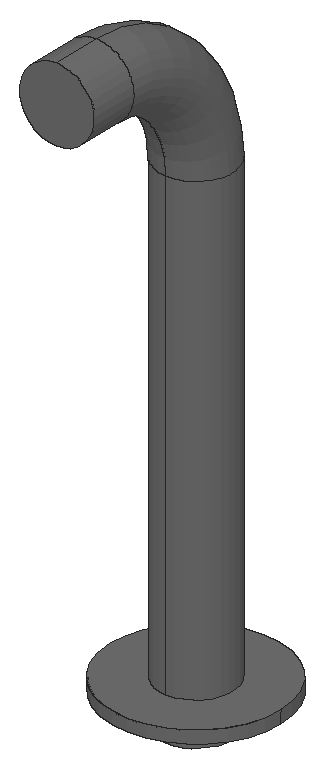
Revit family "_MIRA WALLSPOUT", category Plumbing Fixtures, host Face, Revit 2022
Family settings
  Host = Face
  Round Connector Dimension = Use Diameter
  Part Type = Normal
  Cut with Voids When Loaded = No
  Maintain Annotation Orientation = No
  Shared = No
  Room Calculation Point = No
Parameters (values of type "MATTE BLACK")
  URL = "https://www.buildmat.com.au/products/mira-matte-black-wallspout"
  Model = "BBWALSMB"
  Material = _BM_MATTE BLACK
  Manufacturer = "BUILDMAT"
  Default Elevation = 1219.2 mm
  Cost = 59
Types (4, lengths in mm): name | URL | Model | Material | Cost
  BRUSHED BRASS GOLD | "https://www.buildmat.com.au/products/mira-brushed-brass-gold-wallspout" | "BBWALSGD" | _BM_BRUSHED BRASS GOLD | 89
  BRUSHED GUNMETAL | "https://www.buildmat.com.au/products/mira-gunmetal-wallspout" | "BBWALSGM" | _BM_BRUSHED GUNMETAL | 89
  BRUSHED NICKEL | "https://www.buildmat.com.au/products/mira-brushed-nickel-wallspout" | "BBWALSBN" | _BM_BRUSHED NICKEL | 89
  MATTE BLACK | "https://www.buildmat.com.au/products/mira-matte-black-wallspout" | "BBWALSMB" | _BM_MATTE BLACK | 59
Reference planes
  plane 1 "Center (Elevation)": y = 0
  plane 2 "Back": z = 0
  plane 3 "Centro (Left/Right)": x = 0
  plane 4: y = 27.5
  plane 5: y = -27.5
  plane 6: x = -27.5
  plane 7: x = 27.5
  plane 8 "Front": z = 206
  plane 9: z = 4
  plane 10: z = 194
  plane 11: y = -56
  plane 12: z = -10
Forms (mm)
  Extrusion 1, solid, material "_BM_MATTE BLACK" <- "Material"
    sketch origin (0, 0, 0) x (1, 0, 0) y (0, 1, 0)
      loop
        circle (0, 0) r 27.5
    from 0 to 4
  Sweep 2, solid, material "_BM_MATTE BLACK" <- "Material"
    path origin (0, 0, 0) x (0, 1, 0) y (0, 0, 1)
      loop
        line (0, 4) -> (0, 154)
        arc (0, 154) -> (-11.716, 182.284) -> (-40, 194) r 40
        line (-40, 194) -> (-56, 194)
    profile origin (0, 0, 79) x (0, -1, 0) y (1, 0, 0)
      loop
        circle (0, 0) r 12
  Extrusion 3, solid, material "_BM_MATTE BLACK" <- "Material"
    sketch origin (0, 0, 0) x (1, 0, 0) y (0, 1, 0)
      loop
        circle (0, 0) r 12
    from 0 to -10
  Extrusion 4, void
    sketch origin (0, 0, 0) x (1, 0, 0) y (0, 1, 0)
      loop
        circle (0, 0) r 15
    from 0 to -10
Cuts and joins
  joined: Extrusion 1, Sweep 2, Extrusion 3
Dimensions and locks
  plane 6 to plane 3 "Centro (Left/Right)" to plane 7 = 27.5 mm, 27.5 mm
  plane 6 to plane 7 = 55 mm
  equal spacing: plane 4, plane 1 "Center (Elevation)", plane 5
  plane 4 to plane 5 = 55 mm
  plane 2 "Back" to plane 8 "Front" = 206 mm
  plane 2 "Back" to plane 9 = 4 mm
  plane 10 to plane 8 "Front" = 12 mm
  plane 4 to plane 11 = 83.5 mm
  plane 12 to plane 2 "Back" = 10 mm
  aligned and locked: plane 2 "Back" to host face
  aligned and locked: level to host face
  aligned and locked: Extrusion 1 to plane 9
  aligned and locked: Extrusion 1 to plane 2 "Back"
  aligned and locked: plane 11 to Sweep 2 sketch curve
  aligned and locked: plane 10 to Sweep 2 sketch curve
  aligned and locked: Sweep 2 sketch curve to plane 1 "Center (Elevation)"
  aligned and locked: plane 9 to Sweep 2 sketch curve
  aligned and locked: plane 2 "Back" to Extrusion 3
  aligned and locked: plane 12 to Extrusion 3
  aligned and locked: plane 12 to Extrusion 4
  aligned and locked: plane 2 "Back" to Extrusion 4
Automatic sketch dimensions
  host sketch curve to host sketch curve = 2438.4 mm  (x2)
  Sweep 2 sketch curve to plane 5 = 12.5 mm
  Sweep 2 sketch curve to plane 3 "Centro (Left/Right)" = 0 mm
  Sweep 2 sketch curve to profile plane = 0 mm
  plane 1 "Center (Elevation)" to Extrusion 1 sketch curve = 0 mm
  Extrusion 1 sketch curve to plane 3 "Centro (Left/Right)" = 0 mm
  plane 1 "Center (Elevation)" to Extrusion 3 sketch curve = 0 mm
  Extrusion 3 sketch curve to plane 3 "Centro (Left/Right)" = 0 mm
  plane 1 "Center (Elevation)" to Extrusion 4 sketch curve = 0 mm
  Extrusion 4 sketch curve to plane 3 "Centro (Left/Right)" = 0 mm
  radius of Sweep 2 sketch curve = 12 mm
  radius of Extrusion 1 sketch curve = 27.5 mm
  radius of Extrusion 3 sketch curve = 12 mm
  radius of Extrusion 4 sketch curve = 15 mm
